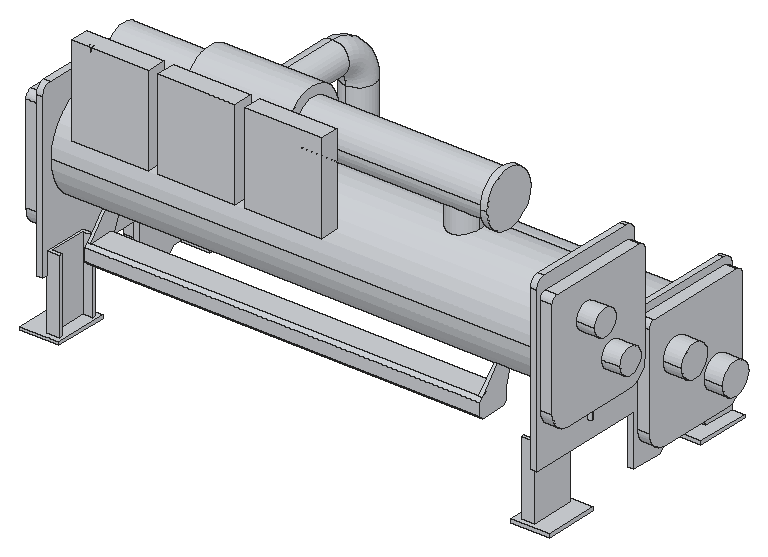
Revit family "aa3eae808dc84e08a0156de7fc809b10", category Mechanical Equipment, Revit 2021
Family settings
  Round Connector Dimension = Use Radius
  Part Type = Normal
  OmniClass Number = 23.75.10.24.21.21.21
  OmniClass Title = Rotary-Screw Water Chillers
  Seek Item ID = Screw Chiller - Water Cooled - 300-550 Tons-0000-USA-ENU
  Work Plane-Based = No
  Always vertical = Yes
  Cut with Voids When Loaded = No
  Shared = No
  Room Calculation Point = No
Parameters (values of type "Heat Exchanger Size 30-32")
  Voltage = 460 V
  Visi Frame4n5 = no
  Visi Frame3 = yes
  Number of Poles = 3
  Load Classification = Cooling
  Drain Radius = 5/8"
  Drain Flow [instance] = 0 GPM
  Default Elevation = 0' - 0"
  Cooling Water Radius = Cooling Water Diameter / 2  # 5"
  Cooling Water Pressure Drop [instance] = 9.81 psi
  Cooling Water Flow [instance] = 1865 GPM
  Cooling Water Diameter = 10"
  Cooling Capacity [instance] = 3436257.4 Btu/h
  Chiller Width = 6' - 4"
  Chiller Material = none
  Chiller Length = 14' - 3 1/4"
  Chiller Height = 7' - 2 5/8"
  Chilled Water Radius = Chilled Water Diameter / 2  # 4"
  Chilled Water Pressure Drop [instance] = 9.70 psi
  Chilled Water Flow [instance] = 1710 GPM
  Chilled Water Diameter = 8"
  C1 Offset 2 = 3' - 5"
  C1 Offset 1 = 2' - 0"
  C2 Offset 2 = 4' - 8"
  C2 Offset 1 = 1' - 2 13/64"
  C4 Offset 2 = 2' - 6"
  C4 Offset 1 = 4' - 1"
  C3 Offset 2 = 1' - 6"
  C3 Offset 1 = 5' - 5"
  Apparent Load = 191.86 VA
Types (7): name | Visi Frame4n5 | Visi Frame3 | Cooling Water Pressure Drop | Cooling Water Flow | Cooling Capacity | Chiller Width | Chiller Length | Chiller Height | Chilled Water Pressure Drop | Chilled Water Flow | C1 Offset 2 | C1 Offset 1 | C2 Offset 2 | C2 Offset 1 | C4 Offset 2 | C4 Offset 1 | C3 Offset 2 | C3 Offset 1 | Apparent Load
  (no name) | no | yes | 9.81 psi | 1865 GPM | 3436257.4 Btu/h | 6' - 4" | 14' - 3 1/4" | 7' - 2 5/8" | 9.70 psi | 1710 GPM | 3' - 5" | 2' - 0" | 4' - 8" | 1' - 2 13/64" | 2' - 6" | 4' - 1" | 1' - 6" | 5' - 5" | 191.86 VA
  Heat Exchanger Size 30-32 | no | yes | 9.81 psi | 1865 GPM | 3436257.4 Btu/h | 6' - 4" | 14' - 3 1/4" | 7' - 2 5/8" | 9.70 psi | 1710 GPM | 3' - 5" | 2' - 0" | 4' - 8" | 1' - 2 13/64" | 2' - 6" | 4' - 1" | 1' - 6" | 5' - 5" | 191.86 VA
  Heat Exchanger Size 35-37 | no | yes | 9.81 psi | 1865 GPM | 3436257.4 Btu/h | 6' - 4" | 15' - 11 3/4" | 7' - 2 5/8" | 9.70 psi | 1710 GPM | 3' - 5" | 2' - 0" | 4' - 8" | 1' - 2 13/64" | 2' - 6" | 4' - 1" | 1' - 6" | 5' - 5" | 191.86 VA
  Heat Exchanger Size 40-42 | yes | no | 10.31 psi | 2743 GPM | 5053970 Btu/h | 6' - 8 1/2" | 14' - 9" | 7' - 6 1/2" | 10.16 psi | 2444 GPM | 3' - 2" | 1' - 8 1/8" | 4' - 10" | 1' - 8 1/8" | 2' - 9" | 5' - 0 3/8" | 1' - 3" | 5' - 0 3/8" | 299.93 VA
  Heat Exchanger Size 45-47 | yes | no | 10.31 psi | 2743 GPM | 5053970 Btu/h | 6' - 8 1/2" | 16' - 5 1/2" | 7' - 6 1/2" | 10.16 psi | 2444 GPM | 3' - 2" | 1' - 8 1/8" | 4' - 10" | 1' - 8 1/8" | 2' - 9" | 5' - 0 3/8" | 1' - 3" | 5' - 0 3/8" | 299.93 VA
  Heat Exchanger Size 50-52 | yes | no | 10.66 psi | 3565 GPM | 6568502.8 Btu/h | 6' - 11 3/4" | 14' - 10" | 7' - 6 3/4" | 10.50 psi | 3171 GPM | 3' - 2" | 1' - 8 15/16" | 4' - 10" | 1' - 8 15/16" | 2' - 9" | 5' - 2 13/16" | 1' - 3" | 5' - 2 13/16" | 401.1 VA
  Heat Exchanger Size 55-57 | yes | no | 10.66 psi | 3565 GPM | 6568502.8 Btu/h | 6' - 11 3/4" | 16' - 6 1/2" | 7' - 6 3/4" | 10.50 psi | 3171 GPM | 3' - 2" | 1' - 8 15/16" | 4' - 10" | 1' - 8 15/16" | 2' - 9" | 5' - 2 13/16" | 1' - 3" | 5' - 2 13/16" | 401.1 VA
Reference planes (in)
  plane 1 "Center (Front/Back)": y = 0
  plane 2: z = 0
  plane 3 "Center (Left/Right)": x = 0
  plane 4: x = 171.25
  plane 5: y = 76
  plane 6: z = 86.625
  plane 7: x = 161.25
  plane 8: z = 1
  plane 9: y = 38
  plane 10: x = 5
  plane 11: x = 7
  plane 12: x = 159.25
  plane 13: z = 24
  plane 14: z = 49
  plane 15: x = 1
  plane 16: x = 164.25
  plane 17: x = 165.25
  plane 18: x = 60
  plane 19: z = 76.625
  plane 20: x = 17
  plane 21: z = 56
  plane 22: z = 41
  plane 23: y = 14.20312
  plane 24: y = 24
  plane 25: z = 30
  plane 26: z = 18
  plane 27: y = 49
  plane 28: y = 65
Forms (in)
  Extrusion 1, solid, material <- "Chiller Material"
    sketch origin (0, 0, 0) x (1, 0, 0) y (0, 1, 0)
      loop
        line (0, 76) -> (0, 59) -> (12, 59) -> (12, 76) -> (0, 76)
    from 0 to 1
  Extrusion 2, solid, material <- "Chiller Material"
    sketch origin (0, -58, 0) x (1, 0, 0) y (0, 1, 0)
      loop
        line (0, 75) -> (0, 58) -> (12, 58) -> (12, 75) -> (0, 75)
    from 0 to 1
  Extrusion 3, solid, material <- "Chiller Material"
    sketch origin (152, 0, 0) x (1, 0, 0) y (0, 1, 0)
      loop
        line (1.25, 76) -> (1.25, 59) -> (13.25, 59) -> (13.25, 76) -> (1.25, 76)
    from 0 to 1
  Extrusion 4, solid, material <- "Chiller Material"
    sketch origin (152, -58, 0) x (1, 0, 0) y (0, 1, 0)
      loop
        line (1.25, 75) -> (1.25, 58) -> (13.25, 58) -> (13.25, 75) -> (1.25, 75)
    from 0 to 1
  Extrusion 5, solid, material <- "Chiller Material"
    sketch origin (0, 0, 0) x (0, 1, 0) y (0, 0, 1)
      loop
        line (35, 70.625) -> (3, 70.625)
        arc (3, 70.625) -> (0.87868, 69.74632) -> (0, 67.625) r 3
        line (0, 67.625) -> (0, 17) -> (38, 17) -> (38, 67.625)
        arc (38, 67.625) -> (37.12132, 69.74632) -> (35, 70.625) r 3
    from 5 to 7
  Extrusion 6, solid, material <- "Chiller Material"
    sketch origin (0, 0, 0) x (0, 1, 0) y (0, 0, 1)
      loop
        line (73, 45) -> (41, 45)
        arc (41, 45) -> (38.87868, 44.12132) -> (38, 42) r 3
        line (38, 42) -> (38, 1) -> (48, 1) -> (51, 4) -> (63, 4) -> (66, 1) -> (76, 1) -> (76, 42)
        arc (76, 42) -> (75.12132, 44.12132) -> (73, 45) r 3
    from 5 to 7
  Extrusion 7, solid, material <- "Chiller Material"
    sketch origin (161.25, 60, 48) x (0, 1, 0) y (0, 0, 1)
      loop
        line (-25, 22.625) -> (-57, 22.625)
        arc (-57, 22.625) -> (-59.12132, 21.74632) -> (-60, 19.625) r 3
        line (-60, 19.625) -> (-60, -31) -> (-22, -31) -> (-22, 19.625)
        arc (-22, 19.625) -> (-22.87868, 21.74632) -> (-25, 22.625) r 3
    from -2 to 0
  Extrusion 8, solid, material <- "Chiller Material"
    sketch origin (161.25, 60, 48) x (0, 1, 0) y (0, 0, 1)
      loop
        line (13, -3) -> (-19, -3)
        arc (-19, -3) -> (-21.12132, -3.87868) -> (-22, -6) r 3
        line (-22, -6) -> (-22, -47) -> (-12, -47) -> (-9, -44) -> (3, -44) -> (6, -47) -> (16, -47) -> (16, -6)
        arc (16, -6) -> (15.12132, -3.87868) -> (13, -3) r 3
    from -2 to 0
  Extrusion 9, solid, material <- "Chiller Material"
    sketch origin (0, 0, 0) x (1, 0, 0) y (0, 1, 0)
      loop
        line (11, 15.5) -> (7, 15.5) -> (7, 1.5) -> (11, 1.5) -> (11, 2.5) -> (8, 2.5) -> (8, 14.5) -> (11, 14.5) -> (11, 15.5)
    from 1 to 24
  Extrusion 10, solid, material <- "Chiller Material"
    sketch origin (202.25, 0, 0) x (-1, 0, 0) y (0, -1, 0)
      loop
        line (47, -15.5) -> (47, -14.5) -> (44, -14.5) -> (44, -2.5) -> (47, -2.5) -> (47, -1.5) -> (43, -1.5) -> (43, -15.5) -> (47, -15.5)
    from 1 to 24
  Extrusion 11, solid, material <- "Chiller Material"
    sketch origin (161.25, 60, 48) x (0, 1, 0) y (0, 0, 1)
      loop
        circle (-3, -24) r 16
      loop
        circle (-41, 1) r 16
    from -2 to -154.25
  Extrusion 12, solid, material <- "Chiller Material", visible <- "Visi Frame3"
    sketch origin (161.25, 60, 48) x (0, 1, 0) y (0, 0, 1)
      loop
        line (13, -5) -> (-19, -5)
        arc (-19, -5) -> (-20.41421, -5.58579) -> (-21, -7) r 2
        line (-21, -7) -> (-21, -38)
        arc (-21, -38) -> (-19.24264, -42.24264) -> (-15, -44) r 6
        line (-15, -44) -> (9, -44)
        arc (9, -44) -> (13.24264, -42.24264) -> (15, -38) r 6
        line (15, -38) -> (15, -7)
        arc (15, -7) -> (14.41421, -5.58579) -> (13, -5) r 2
    from -156.25 to -160.25
  Extrusion 13, solid, material <- "Chiller Material", visible <- "Visi Frame3"
    sketch origin (161.25, 60, 48) x (0, 1, 0) y (0, 0, 1)
      loop
        line (-25, 18.625) -> (-57, 18.625)
        arc (-57, 18.625) -> (-58.41421, 18.03921) -> (-59, 16.625) r 2
        line (-59, 16.625) -> (-59, -14)
        arc (-59, -14) -> (-57.24264, -18.24264) -> (-53, -20) r 6
        line (-53, -20) -> (-29, -20)
        arc (-29, -20) -> (-24.75736, -18.24264) -> (-23, -14) r 6
        line (-23, -14) -> (-23, 16.625)
        arc (-23, 16.625) -> (-23.58579, 18.03921) -> (-25, 18.625) r 2
    from -156.25 to -160.25
  Extrusion 14, solid, material <- "Chiller Material", visible <- "Visi Frame4n5"
    sketch origin (161.25, 60, 48) x (0, 1, 0) y (0, 0, 1)
      loop
        circle (-3, -24) r 18.5
    from -157.25 to -156.25
  Extrusion 15, solid, material <- "Chiller Material", visible <- "Visi Frame4n5"
    sketch origin (161.25, 60, 48) x (0, 1, 0) y (0, 0, 1)
      loop
        circle (-3, -24) r 16
    from -160.25 to -157.25
  Extrusion 16, solid, material <- "Chiller Material", visible <- "Visi Frame4n5"
    sketch origin (161.25, 14.89881, 73) x (0, 1, 0) y (0, 0, 1)
      loop
        circle (4.10119, -24) r 18.5
    from -157.25 to -156.25
  Extrusion 17, solid, material <- "Chiller Material", visible <- "Visi Frame4n5"
    sketch origin (161.25, 14.89881, 73) x (0, 1, 0) y (0, 0, 1)
      loop
        circle (4.10119, -24) r 16
    from -160.25 to -157.25
  Extrusion 18, solid, material <- "Chiller Material", visible <- "Visi Frame3"
    sketch origin (0, 0, 0) x (0, 1, 0) y (0, 0, 1)
      loop
        arc (3, 66.625) -> (1.58579, 66.03921) -> (1, 64.625) r 2
        line (1, 64.625) -> (1, 34)
        arc (1, 34) -> (2.75736, 29.75736) -> (7, 28) r 6
        line (7, 28) -> (31, 28)
        arc (31, 28) -> (35.24264, 29.75736) -> (37, 34) r 6
        line (37, 34) -> (37, 64.625)
        arc (37, 64.625) -> (36.41421, 66.03921) -> (35, 66.625) r 2
        line (35, 66.625) -> (3, 66.625)
    from 161.25 to 165.25
  Extrusion 19, solid, material <- "Chiller Material", visible <- "Visi Frame3"
    sketch origin (0, 0, 0) x (0, 1, 0) y (0, 0, 1)
      loop
        arc (41, 43) -> (39.58579, 42.41421) -> (39, 41) r 2
        line (39, 41) -> (39, 12)
        arc (39, 12) -> (40.75736, 7.75736) -> (45, 6) r 6
        line (45, 6) -> (69, 6)
        arc (69, 6) -> (73.24264, 7.75736) -> (75, 12) r 6
        line (75, 12) -> (75, 41)
        arc (75, 41) -> (74.41421, 42.41421) -> (73, 43) r 2
        line (73, 43) -> (41, 43)
    from 161.25 to 165.25
  Extrusion 20, solid, material <- "Chiller Material", visible <- "Visi Frame4n5"
    sketch origin (161.25, 60, 48) x (0, 1, 0) y (0, 0, 1)
      loop
        circle (-41, 1) r 18.5
      loop
        circle (-3, -24) r 18.5
    from 0 to 3
  Extrusion 21, solid, material <- "Chiller Material", visible <- "Visi Frame4n5"
    sketch origin (161.25, 60, 48) x (0, 1, 0) y (0, 0, 1)
      loop
        circle (-41, 1) r 16
      loop
        circle (-3, -24) r 16
    from 3 to 4
  Extrusion 22, solid, material <- "Chiller Material"
    sketch origin (161.25, 60, 48) x (0, 1, 0) y (0, 0, 1)
      loop
        circle (-41, 28.625) r 7
    from -144.25 to -26
  Extrusion 23, solid, material <- "Chiller Material"
    sketch origin (161.25, 60, 48) x (0, 1, 0) y (0, 0, 1)
      loop
        circle (-41, 28.625) r 8.5
    from -26 to -24
  Extrusion 24, solid, material <- "Chiller Material"
    sketch origin (161.25, 60, 48) x (0, 1, 0) y (0, 0, 1)
      loop
        circle (-41, 28.625) r 10
    from -85.25 to -117.25
  Sweep 25, solid, material <- "Chiller Material"
    path origin (60, -180, 102.71882) x (0, 0, 1) y (0, -1, 0)
      loop
        line (-26.09382, -199) -> (-26.09382, -227)
        arc (-26.09382, -227) -> (-29.02276, -234.07107) -> (-36.09382, -237) r 10
        line (-36.09382, -237) -> (-78.71882, -237)
    profile origin (60, 33, 76.625) x (0, 0, 1) y (1, 0, 0)
      loop
        circle (0, 0) r 5
  Extrusion 26, solid, material <- "Chiller Material"
    sketch origin (0, 0, 0) x (1, 0, 0) y (0, 1, 0)
      loop
        circle (29, 19) r 5
      loop
        circle (123.25, 19) r 5
    from 49 to 76.625
  Extrusion 27, solid, material <- "Chiller Material"
    sketch origin (0, 0, 0) x (1, 0, 0) y (0, 0, 1)
      loop
        line (16, 86.625) -> (16, 58.625) -> (40, 58.625) -> (40, 86.625) -> (16, 86.625)
      loop
        line (43, 86.625) -> (43, 58.625) -> (67, 58.625) -> (67, 86.625) -> (43, 86.625)
      loop
        line (70, 86.625) -> (70, 58.625) -> (94, 58.625) -> (94, 86.625) -> (70, 86.625)
    from 0 to -6
  Extrusion 28, solid, material <- "Chiller Material"
    sketch origin (60, -180, 102.71882) x (0, 0, 1) y (0, -1, 0)
      loop
        line (-72.71882, -190.5) -> (-72.71882, -182.5) -> (-73.71882, -181.5) -> (-77.71882, -181.5) -> (-78.71882, -182.5) -> (-78.71882, -190.5) -> (-77.71882, -191.5) -> (-73.71882, -191.5) -> (-72.71882, -190.5)
    from -41 to 82.25
  Extrusion 29, solid, material <- "Chiller Material"
    sketch origin (60, -180, 102.71882) x (0, 0, 1) y (0, -1, 0)
      loop
        line (-73.71882, -191.5) -> (-53.71882, -199) -> (-72.71882, -182.5) -> (-72.71882, -190.5) -> (-73.71882, -191.5)
    from -41 to -40
  Extrusion 30, solid, material <- "Chiller Material"
    sketch origin (60, -180, 102.71882) x (0, 0, 1) y (0, -1, 0)
      loop
        line (-73.71882, -191.5) -> (-53.71882, -199) -> (-72.71882, -182.5) -> (-72.71882, -190.5) -> (-73.71882, -191.5)
    from 81.25 to 82.25
  Extrusion 31, solid, material <- "Chiller Material"
    sketch origin (161.25, 60, 48) x (0, 1, 0) y (0, 0, 1)
      loop
        circle (-45.79688, 8) r 4
      loop
        circle (-36, -7) r 4
      loop
        circle (-11, -18) r 5
      loop
        circle (5, -30) r 5
    from 4 to 10
  Extrusion 32, solid, material <- "Chiller Material"
    sketch origin (0, 0, 0) x (1, 0, 0) y (0, 1, 0)
      loop
        circle (162.75, 19) r 0.625
    from 24 to 49
  Extrusion 33, solid, material <- "Chiller Material"
    sketch origin (0, 0, 0) x (1, 0, 0) y (0, 1, 0)
      loop
        line (21, 1) -> (21, 0) -> (22, 0) -> (22, 1) -> (21, 1)
    from 85.625 to 86.625
Cuts and joins
  joined: Extrusion 1, Extrusion 2, Extrusion 3, Extrusion 4, Extrusion 5, Extrusion 6, Extrusion 7, Extrusion 8, Extrusion 9, Extrusion 10, Extrusion 11, Extrusion 22, Extrusion 23, Extrusion 24, Sweep 25, Extrusion 26, Extrusion 27, Extrusion 28, Extrusion 29, Extrusion 30, Extrusion 31
Lines and regions (in)
  model lines
    curve 1: line (18, 0, 68.625) -> (23, 0, 68.625)
    curve 2: line (18, 0, 60.625) -> (18, 0, 68.625)
    curve 3: line (23, 0, 60.625) -> (18, 0, 60.625)
    curve 4: line (23, 0, 68.625) -> (23, 0, 60.625)
    curve 5: line (29, 0, 83.625) -> (38, 0, 83.625)
    curve 6: line (29, 0, 78.625) -> (29, 0, 83.625)
    curve 7: line (38, 0, 78.625) -> (29, 0, 78.625)
    curve 8: line (38, 0, 83.625) -> (38, 0, 78.625)
    curve 9: line (29, 0, 82.79167) -> (38, 0, 82.79167)
    curve 10: line (38, 0, 81.95833) -> (29, 0, 81.95833)
    curve 11: line (29, 0, 81.125) -> (38, 0, 81.125)
    curve 12: line (38, 0, 80.29167) -> (29, 0, 80.29167)
    curve 13: line (29, 0, 79.45833) -> (38, 0, 79.45833)
Dimensions and locks (in)
  "Chiller Length": plane 3 "Center (Left/Right)" to plane 4
  "Chiller Width": plane 5 to plane 1 "Center (Front/Back)"
  "Chiller Height": plane 6 to plane 2
  locked: plane 7 to plane 4 at 10
  locked: Extrusion 1 sketch curve to Extrusion 1 sketch curve at 12
  locked: Extrusion 1 sketch curve to Extrusion 1 sketch curve at 17
  locked: Extrusion 2 sketch curve to Extrusion 2 sketch curve at 12
  locked: Extrusion 2 sketch curve to Extrusion 2 sketch curve at 17
  locked: Extrusion 3 sketch curve to Extrusion 3 sketch curve at 12
  locked: Extrusion 3 sketch curve to Extrusion 3 sketch curve at 17
  locked: Extrusion 3 sketch curve to plane 4 at 18
  locked: Extrusion 4 sketch curve to Extrusion 4 sketch curve at 12
  locked: Extrusion 4 sketch curve to Extrusion 4 sketch curve at 17
  locked: Extrusion 4 sketch curve to plane 4 at 18
  locked: plane 8 to plane 2 at 1
  equal spacing: plane 5, plane 9, plane 1 "Center (Front/Back)"
  locked: plane 6 to Extrusion 5 sketch curve at 16
  locked: Extrusion 5 sketch curve to plane 8 at 16
  locked: plane 8 to Extrusion 6 sketch curve at 3
  locked: plane 5 to Extrusion 6 sketch curve at 10
  locked: plane 5 to Extrusion 6 sketch curve at 13
  locked: Extrusion 6 sketch curve to plane 9 at 13
  locked: Extrusion 6 sketch curve to plane 9 at 10
  locked: plane 8 to Extrusion 6 sketch curve at 44
  locked: plane 3 "Center (Left/Right)" to plane 10 at 5
  locked: plane 10 to plane 11 at 2
  locked: plane 12 to plane 7 at 2
  locked: Extrusion 2 to Extrusion 9 sketch curve at 1.5  (x2)
  locked: plane 11 to Extrusion 9 sketch curve at 4  (x2)
  locked: Extrusion 9 sketch curve to Extrusion 9 sketch curve at 1  (x3)
  locked: plane 13 to Extrusion 5 at 7
  locked: Extrusion 10 sketch curve to Extrusion 10 sketch curve at 1  (x3)
  locked: Extrusion 4 to Extrusion 10 sketch curve at 1.5  (x2)
  locked: Extrusion 10 sketch curve to plane 12 at 4  (x2)
  locked: plane 14 to plane 8 at 48
  equal spacing: plane 5, Extrusion 11 sketch curve, plane 9
  equal spacing: plane 9, Extrusion 11 sketch curve, plane 1 "Center (Front/Back)"
  locked: plane 5 to Extrusion 12 sketch curve at 1
  locked: Extrusion 12 sketch curve to plane 9 at 1
  locked: Extrusion 6 to Extrusion 12 sketch curve at 2
  locked: Extrusion 13 sketch curve to Extrusion 5 at 11
  locked: Extrusion 5 to Extrusion 13 sketch curve at 4
  locked: plane 9 to Extrusion 13 sketch curve at 1
  locked: Extrusion 13 sketch curve to plane 1 "Center (Front/Back)" at 1
  locked: plane 15 to plane 10 at 4
  equal spacing: plane 5, Extrusion 14 sketch curve, plane 9
  equal spacing: plane 5, Extrusion 15 sketch curve, plane 9
  locked: Extrusion 14 to plane 10 at 1
  equal spacing: plane 9, Extrusion 16 sketch curve, plane 1 "Center (Front/Back)"
  equal spacing: plane 9, Extrusion 17 sketch curve, plane 1 "Center (Front/Back)"
  locked: Extrusion 16 to plane 10 at 1
  locked: plane 7 to plane 16 at 3
  locked: plane 16 to plane 17 at 1
  locked: Extrusion 12 to Extrusion 19 sketch curve at 2
  equal spacing: plane 1 "Center (Front/Back)", Extrusion 20 sketch curve, plane 9
  equal spacing: plane 9, Extrusion 20 sketch curve, plane 5
  equal spacing: plane 1 "Center (Front/Back)", Extrusion 21 sketch curve, plane 9
  equal spacing: plane 9, Extrusion 21 sketch curve, plane 5
  locked: plane 18 to plane 3 "Center (Left/Right)" at 60
  locked: plane 6 to plane 19 at 10
  equal spacing: plane 9, Extrusion 22 sketch curve, plane 1 "Center (Front/Back)"
  locked: plane 11 to plane 20 at 10
  locked: Extrusion 22 to plane 12 at 24
  equal spacing: plane 9, Extrusion 23 sketch curve, plane 1 "Center (Front/Back)"
  locked: Extrusion 23 to Extrusion 23 at 2
  equal spacing: plane 9, Extrusion 24 sketch curve, plane 1 "Center (Front/Back)"
  equal spacing: Extrusion 24, plane 18, Extrusion 24
  locked: Extrusion 24 to Extrusion 24 at 32
  equal spacing: plane 5, Sweep 25 sketch curve, plane 9
  equal spacing: plane 9, Sweep 25 sketch curve, plane 1 "Center (Front/Back)"
  equal spacing: plane 1 "Center (Front/Back)", Extrusion 26 sketch curve, plane 9  (x2)
  locked: plane 20 to Extrusion 26 sketch curve at 12
  Extrusion 26 sketch curve to Extrusion 23 = 1' - 0"
  locked: Extrusion 27 sketch curve to Extrusion 27 sketch curve at 24  (x3)
  locked: Extrusion 27 sketch curve to Extrusion 27 sketch curve at 28  (x3)
  locked: Extrusion 27 sketch curve to plane 11 at 9
  locked: Extrusion 27 sketch curve to Extrusion 27 sketch curve at 3  (x2)
  locked: plane 1 "Center (Front/Back)" to Extrusion 27 at 6
  Extrusion 28 sketch curve to Extrusion 28 sketch curve = 0' - 6"
  locked: Extrusion 28 sketch curve to Extrusion 28 sketch curve at 10
  locked: Extrusion 28 sketch curve to Extrusion 28 sketch curve at 1  (x6)
  locked: Extrusion 28 sketch curve to Extrusion 9 at 1
  locked: Extrusion 28 to plane 11 at 12
  locked: plane 12 to Extrusion 28 at 17
  locked: Extrusion 27 to curve 2 at 2
  locked: curve 3 to Extrusion 27 at 2
  locked: curve 4 to curve 2 at 5
  locked: curve 1 to curve 3 at 8
  Extrusion 27 to curve 5 = 0' - 3"
  locked: curve 8 to Extrusion 27 at 2
  curve 5 to curve 7 = 0' - 5"
  locked: curve 6 to curve 8 at 9
  equal spacing: curve 5, curve 9, curve 10, curve 11, curve 12, curve 13, curve 7
  equal spacing: plane 9, Extrusion 29 sketch curve, plane 1 "Center (Front/Back)"
  locked: Extrusion 29 to Extrusion 29 at 1
  locked: Extrusion 30 to Extrusion 30 at 1
  "C2 Offset 2": plane 21 to plane 2
  "C1 Offset 2": plane 22 to plane 2
  "C4 Offset 2": plane 25 to plane 2
  "C3 Offset 2": plane 26 to plane 2
  "C2 Offset 1": plane 1 "Center (Front/Back)" to plane 23
  "C1 Offset 1": plane 1 "Center (Front/Back)" to plane 24
  "C3 Offset 1": plane 1 "Center (Front/Back)" to plane 28
  "C4 Offset 1": plane 1 "Center (Front/Back)" to plane 27
  equal spacing: plane 1 "Center (Front/Back)", Extrusion 32 sketch curve, plane 9
  equal spacing: plane 7, Extrusion 32 sketch curve, plane 16
  locked: Extrusion 27 to Extrusion 33 sketch curve at 5
  locked: Extrusion 33 sketch curve to Extrusion 33 sketch curve at 1  (x2)
  locked: Extrusion 27 to Extrusion 33 at 1
  radius of Extrusion 5 sketch curve = 0' - 3"  (x2)
  radius of Extrusion 6 sketch curve = 0' - 3"  (x2)
  radius of Extrusion 7 sketch curve = 0' - 3"  (x2)
  radius of Extrusion 8 sketch curve = 0' - 3"  (x2)
  radius of Extrusion 11 sketch curve = 1' - 4"  (x2)
  radius of Extrusion 12 sketch curve = 0' - 6"  (x2)
  radius of Extrusion 12 sketch curve = 0' - 2"  (x2)
  radius of Extrusion 13 sketch curve = 0' - 2"  (x2)
  radius of Extrusion 13 sketch curve = 0' - 6"  (x2)
  radius of Extrusion 14 sketch curve = 1' - 6 1/2"
  radius of Extrusion 15 sketch curve = 1' - 4"
  radius of Extrusion 16 sketch curve = 1' - 6 1/2"
  radius of Extrusion 17 sketch curve = 1' - 4"
  radius of Extrusion 19 sketch curve = 0' - 2"  (x2)
  radius of Extrusion 18 sketch curve = 0' - 2"  (x2)
  radius of Extrusion 18 sketch curve = 0' - 6"  (x2)
  radius of Extrusion 19 sketch curve = 0' - 6"  (x2)
  radius of Extrusion 20 sketch curve = 1' - 6 1/2"  (x2)
  radius of Extrusion 21 sketch curve = 1' - 4"  (x2)
  radius of Extrusion 22 sketch curve = 0' - 7"
  radius of Extrusion 23 sketch curve = 0' - 8 1/2"
  radius of Extrusion 24 sketch curve = 0' - 10"
  radius of Sweep 25 sketch curve = 0' - 5"
  radius of Extrusion 26 sketch curve = 0' - 5"  (x2)
  "Chilled Water Radius": radius of Extrusion 31 sketch curve  (x2)
  "Cooling Water Radius": radius of Extrusion 31 sketch curve  (x2)
  "Drain Radius": radius of Extrusion 32 sketch curve
  aligned and locked: plane 3 "Center (Left/Right)" to Extrusion 1 sketch curve
  aligned and locked: Extrusion 1 sketch curve to plane 5
  aligned and locked: plane 3 "Center (Left/Right)" to Extrusion 2 sketch curve
  aligned and locked: Extrusion 2 sketch curve to plane 1 "Center (Front/Back)"
  aligned and locked: Extrusion 3 sketch curve to plane 5
  aligned and locked: Extrusion 4 sketch curve to plane 1 "Center (Front/Back)"
  aligned and locked: Extrusion 1 to plane 2
  aligned and locked: Extrusion 2 to plane 2
  aligned and locked: plane 8 to Extrusion 2
  aligned and locked: plane 8 to Extrusion 1
  aligned and locked: Extrusion 3 to plane 2
  aligned and locked: Extrusion 4 to plane 2
  aligned and locked: plane 8 to Extrusion 4
  aligned and locked: plane 8 to Extrusion 3
  aligned and locked: plane 1 "Center (Front/Back)" to Extrusion 5 sketch curve
  aligned and locked: plane 8 to Extrusion 6 sketch curve
  aligned and locked: plane 9 to Extrusion 6 sketch curve  (x2)
  aligned and locked: plane 5 to Extrusion 6 sketch curve
  aligned and locked: Extrusion 5 to plane 10
  aligned and locked: plane 11 to Extrusion 5
  aligned and locked: plane 11 to Extrusion 6
  aligned and locked: Extrusion 6 to plane 10
  aligned and locked: Extrusion 7 sketch curve to Extrusion 5  (x2)
  aligned and locked: Extrusion 5 to Extrusion 7 sketch curve
  aligned and locked: plane 9 to Extrusion 7 sketch curve
  aligned and locked: Extrusion 6 to Extrusion 8 sketch curve
  aligned and locked: Extrusion 8 sketch curve to Extrusion 6  (x6)
  aligned and locked: Extrusion 8 sketch curve to plane 8
  aligned and locked: Extrusion 7 to plane 12
  aligned and locked: Extrusion 8 to plane 12
  aligned and locked: plane 7 to Extrusion 7
  aligned and locked: plane 7 to Extrusion 8
  aligned and locked: Extrusion 9 sketch curve to plane 11
  aligned and locked: Extrusion 9 to plane 8
  aligned and locked: plane 13 to Extrusion 9
  aligned and locked: Extrusion 10 sketch curve to plane 12
  aligned and locked: plane 13 to Extrusion 10
  aligned and locked: Extrusion 10 to plane 8
  aligned and locked: plane 14 to Extrusion 11 sketch curve
  aligned and locked: Extrusion 11 to plane 11
  aligned and locked: plane 12 to Extrusion 11
  aligned and locked: Extrusion 12 sketch curve to Extrusion 6
  aligned and locked: plane 10 to Extrusion 12
  aligned and locked: Extrusion 12 to plane 15
  aligned and locked: Extrusion 12 to Extrusion 13
  aligned and locked: plane 10 to Extrusion 13
  aligned and locked: plane 13 to Extrusion 14 sketch curve
  aligned and locked: plane 13 to Extrusion 15 sketch curve
  aligned and locked: Extrusion 14 to plane 10
  aligned and locked: Extrusion 15 to plane 15
  aligned and locked: plane 14 to Extrusion 16 sketch curve
  aligned and locked: plane 14 to Extrusion 17 sketch curve
  aligned and locked: plane 10 to Extrusion 16
  aligned and locked: Extrusion 17 to plane 15
  aligned and locked: Extrusion 17 to Extrusion 14
  aligned and locked: Extrusion 15 to Extrusion 14
  aligned and locked: plane 13 to Extrusion 11 sketch curve
  aligned and locked: Extrusion 18 sketch curve to Extrusion 13  (x3)
  aligned and locked: Extrusion 19 sketch curve to Extrusion 12  (x3)
  aligned and locked: Extrusion 18 to plane 7
  aligned and locked: Extrusion 19 to plane 7
  aligned and locked: plane 14 to Extrusion 20 sketch curve
  aligned and locked: plane 13 to Extrusion 20 sketch curve
  aligned and locked: plane 16 to Extrusion 20
  aligned and locked: plane 14 to Extrusion 21 sketch curve
  aligned and locked: plane 13 to Extrusion 21 sketch curve
  aligned and locked: Extrusion 21 to plane 16
  aligned and locked: plane 17 to Extrusion 21
  aligned and locked: plane 17 to Extrusion 18
  aligned and locked: plane 17 to Extrusion 19
  aligned and locked: plane 19 to Extrusion 22 sketch curve
  aligned and locked: Extrusion 22 to plane 20
  aligned and locked: plane 19 to Extrusion 23 sketch curve
  aligned and locked: Extrusion 23 to Extrusion 22
  aligned and locked: plane 19 to Extrusion 24 sketch curve
  aligned and locked: plane 13 to Sweep 25 sketch curve
  aligned and locked: plane 19 to Sweep 25 sketch curve
  aligned and locked: plane 19 to Extrusion 26
  aligned and locked: Extrusion 26 to plane 14
  aligned and locked: Extrusion 27 sketch curve to plane 6  (x3)
  aligned and locked: Extrusion 27 to plane 1 "Center (Front/Back)"
  aligned and locked: plane 13 to Extrusion 28 sketch curve
  aligned and locked: Extrusion 28 sketch curve to Extrusion 9
  aligned and locked: Extrusion 29 sketch curve to Extrusion 28  (x3)
  aligned and locked: Extrusion 28 to Extrusion 29 sketch curve  (x2)
  aligned and locked: Extrusion 29 to Extrusion 28
  aligned and locked: Extrusion 30 sketch curve to cut or joined group 1 (Extrusion 1, Extrusion 2, Extrusion 3, Extrusion 4, Extrusion 5, Extrusion 6, Extrusion 7, Extrusion 8, Extrusion 9, Extrusion 10, Extrusion 11, Extrusion 22, Extrusion 23, Extrusion 24, Sweep 25, Extrusion 26, Extrusion 27, Extrusion 28, Extrusion 29, Extrusion 30, Extrusion 31)  (x3)
  aligned and locked: plane 14 to Extrusion 30 sketch curve
  aligned and locked: cut or joined group 1 to Extrusion 30 sketch curve
  aligned and locked: cut or joined group 1 to Extrusion 30
  aligned and locked: plane 23 to Extrusion 31 sketch curve
  aligned and locked: plane 21 to Extrusion 31 sketch curve
  aligned and locked: plane 24 to Extrusion 31 sketch curve
  aligned and locked: plane 22 to Extrusion 31 sketch curve
  aligned and locked: plane 27 to Extrusion 31 sketch curve
  aligned and locked: plane 25 to Extrusion 31 sketch curve
  aligned and locked: plane 28 to Extrusion 31 sketch curve
  aligned and locked: plane 26 to Extrusion 31 sketch curve
  aligned and locked: Extrusion 31 to plane 17
  aligned and locked: plane 4 to Extrusion 31
  aligned and locked: plane 14 to Extrusion 32
  aligned and locked: Extrusion 9 to Extrusion 32
  aligned and locked: Extrusion 27 to Extrusion 33
  aligned and locked: plane 6 to Extrusion 33
Automatic sketch dimensions
  Extrusion 5 sketch curve to plane 9 = 0' - 0"
  Extrusion 6 sketch curve to plane 8 = 0' - 0"
  Extrusion 8 sketch curve to plane 5 = 0' - 0"
  Sweep 25 sketch curve to plane 19 = 0' - 10"
  Sweep 25 sketch curve to plane 18 = 0' - 0"
  Sweep 25 sketch curve to profile plane = 0' - 0"
  plane 13 to Extrusion 28 sketch curve = 0' - 1"
  curve 8 to curve 5 = 0' - 5"
  Extrusion 29 sketch curve to plane 14 = 0' - 0"
  Extrusion 33 sketch curve to plane 1 "Center (Front/Back)" = 0' - 0"
Connectors (in)
  piping at (171.25, 24, 41), diameter 8, driven by "Chilled Water Flow", driven by "Chilled Water Radius"
    settings: on Extrusion 31, index 1, connector inside diameter 8", connector length 0' - 0", flow factor 0, pipe flow 1710 GPM, pressure drop 0.00 psi, fitting loss kfactor 0, connector angle 0.00°, fixture units 0, engagement length 0' - 0", angle of deflection 0.00°, flow configuration 0, flow direction 1, fitting loss method 4, system type 8, joint type 0, gender type 0, connector reference index 2, connector utility 0, adjustable connector no, is connector primary yes, connector description "Chilled Water In"
  piping at (171.25, 14.20312, 56), diameter 8, driven by "Chilled Water Flow", driven by "Chilled Water Radius", driven by "Chilled Water Pressure Drop"
    settings: on Extrusion 31, index 2, connector inside diameter 8", connector length 0' - 0", flow factor 0, pipe flow 1710 GPM, pressure drop 9.70 psi, fitting loss kfactor 0, connector angle 0.00°, fixture units 0, engagement length 0' - 0", angle of deflection 0.00°, flow configuration 0, flow direction 2, fitting loss method 4, system type 7, joint type 0, gender type 0, connector reference index 1, connector utility 0, adjustable connector no, is connector primary no, connector description "Chilled Water Out"
  piping at (171.25, 65, 18), diameter 10, driven by "Cooling Water Flow", driven by "Cooling Water Radius"
    settings: on Extrusion 31, index 3, connector inside diameter 10", connector length 0' - 0", flow factor 0, pipe flow 1865 GPM, pressure drop 0.00 psi, fitting loss kfactor 0, connector angle 0.00°, fixture units 0, engagement length 0' - 0", angle of deflection 0.00°, flow configuration 1, flow direction 1, fitting loss method 4, system type 7, joint type 0, gender type 0, connector reference index 4, connector utility 0, adjustable connector no, is connector primary no, connector description "Cooling Water In"
  piping at (171.25, 49, 30), diameter 10, driven by "Cooling Water Flow", driven by "Cooling Water Radius", driven by "Cooling Water Pressure Drop"
    settings: on Extrusion 31, index 4, connector inside diameter 10", connector length 0' - 0", flow factor 0, pipe flow 1865 GPM, pressure drop 9.81 psi, fitting loss kfactor 0, connector angle 0.00°, fixture units 0, engagement length 0' - 0", angle of deflection 0.00°, flow configuration 1, flow direction 2, fitting loss method 4, system type 8, joint type 0, gender type 0, connector reference index 3, connector utility 0, adjustable connector no, is connector primary no, connector description "Cooling Water Out"
  piping at (162.75, 19, 24), diameter 1.25, driven by "Drain Radius", driven by "Drain Flow"
    settings: on Extrusion 32, index 5, connector inside diameter 1 1/4", connector length 0' - 0", flow factor 0, pipe flow 0 GPM, pressure drop 0.00 psi, fitting loss kfactor 0, connector angle 0.00°, fixture units 0, engagement length 0' - 0", angle of deflection 0.00°, flow configuration 1, flow direction 2, fitting loss method 0, system type 16, joint type 0, gender type 0, connector reference index -1, connector utility 0, adjustable connector yes, is connector primary no, connector description "Drain Out"
  electrical at (21.5, 0.5, 86.625), driven by "Number of Poles", driven by "Voltage", driven by "Apparent Load", driven by "Load Classification"
    settings: on Extrusion 33, index 6, voltage 460 V, apparent load 191.86 VA, apparent load phase1 0 VA, apparent load phase2 0 VA, apparent load phase3 0 VA, power factor 0.8, load classification "Cooling", number of poles 3, system type 30, power factor state 1, is connector primary yes, connector utility no, sub classification motor no, connector description ""
